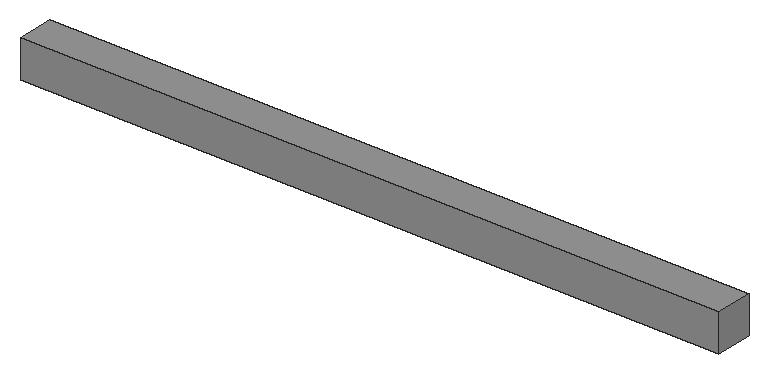
Revit family "63_UN_LF_Power Stripelite 12_LI", category Lighting Fixtures, Revit 2019
Family settings
  Round Connector Dimension = Use Diameter
  Part Type = Normal
  OmniClass Number = 23.80.70.11.14.11
  OmniClass Title = Downlights
  Work Plane-Based = No
  Always vertical = Yes
  Cut with Voids When Loaded = No
  Light Source = Yes
  Shared = No
  Room Calculation Point = Yes
Parameters (values of type "Power Stripelite 12 opaal")
  Wattage Comments = "16"
  Wattage = 3.36605 W
  built-in parameter 1150110 = 1 (stored number, unit not read)
  Voltage = 230 V
  URL = "https://lightinternational.nl/producten/opbouw-armaturen/power-stripelite/#40-power-stripelite-12"
  Type Comments = "Power Stripelite 12"
  built-in parameter 1114217 = 1 (stored number, unit not read)
  Tilt Angle = 90.00°
  built-in parameter 1150109 = 1 (stored number, unit not read)
  built-in parameter 1150134 = 3
  Symbol_ToScale [instance] = not(Symbol_RealSize)  # no
  Symbol_RealSize [instance] = yes
  Switch Code [instance] = ""
  built-in parameter 1150113 = 1 (stored number, unit not read)
  Photometric Web File = "PSL12_O_LDT.ies"
  Model = "Power Stripelite"
  Manufacturer = "Light International"
  built-in parameter 1150105 = 39.789 (stored number, unit not read)
  Luminous Flux (lm) = 2560 lm
  Lumens = 2560 lm
  built-in parameter 1150115 = 1 (stored number, unit not read)
  Luminaire Code [instance] = ""
  built-in parameter 1150137 = (empty or 0)
  built-in parameter 1150139 = (empty or 0)
  built-in parameter 1150112 = 1 (stored number, unit not read)
  built-in parameter 1150114 = 1 (stored number, unit not read)
  Lamp = "LED"
  L3 = 5 mm
  L2 = 65 mm
  L1 = 1225 mm
  built-in parameter 1150132 = 2
  built-in parameter 1150102 = (empty or 0)
  built-in parameter 1150107 = 4000 (stored number, unit not read)
  built-in parameter 1150138 = (empty or 0)
  built-in parameter 1150106 = 0.39789 (stored number, unit not read)
  IfcExportType = "USERDEFINED"
  IfcExportAs = "IfcLightFixtureType"
  ISBN Code = "ISBNCODE"
  IP Value = "IP65"
  IK Value = "IK16"
  Housing_Material = Select RGB Value for different appearance
  H1 = 65 mm
  GTIN Code = "GTINCODE"
  Emit from Rectangle Width = L2 - (L3 * 2)  # 55 mm
  Emit from Rectangle Length = L1 - (L3 * 2)  # 1215 mm
  Emit Shape Visible in Rendering = no
  built-in parameter 1150104 = 13.8 (stored number, unit not read)
  ETIM Code = "ETIMCODE"
  Dimming Lamp Color Temperature Shift = <None>
  Description = "DALI | 1-10V"
  Content Creator® = "www.ivlibrary.com"
  Color Filter = 16777215
  Calc_L2_Symbol = L2 / 100  # 0.65 mm
  Calc_L1_Symbol = L1 / 100  # 12.25 mm
  built-in parameter 1114218 = 1 (stored number, unit not read)
  built-in parameter 1150133 = 10 (stored number, unit not read)
  Assembly Code = "63.0"
  Apparent Load = 16 VA
Reference planes
  plane 1 "Center (Front/Back)": y = 0
  plane 2: z = 0
  plane 3 "Center (Left/Right)": x = 0
  plane 4: x = -607.5
  plane 5: x = 607.5
  plane 6: y = 27.5
  plane 7: y = -27.5
  plane 8: x = -612.5
  plane 9: x = 612.5
  plane 10: y = -32.5
  plane 11: y = 32.5
Lines and regions (mm)
  symbolic lines, visible <- "Symbol_RealSize"
    curve 1: line (-612.5, -32.5, 0) -> (612.5, -32.5, 0)
    curve 2: line (-612.5, 32.5, 0) -> (-612.5, -32.5, 0)
    curve 3: line (612.5, 32.5, 0) -> (-612.5, 32.5, 0)
    curve 4: line (612.5, -32.5, 0) -> (612.5, 32.5, 0)
Dimensions and locks
  equal spacing: plane 11, plane 1 "Center (Front/Back)", plane 10
  equal spacing: plane 8, plane 3 "Center (Left/Right)", plane 9
  "L1": plane 8 to plane 9
  "L2": plane 11 to plane 10
  "L3": plane 8 to plane 4
  "L3": plane 5 to plane 9
  "L3": plane 6 to plane 11
  "L3": plane 7 to plane 10
  "H1": level to imposter light
  aligned and locked: level to plane 2
  aligned and locked: level to nested 2
Automatic sketch dimensions
  curve 3 to plane 8 = 0 mm
  curve 1 to plane 9 = 0 mm
  curve 2 to plane 10 = 0 mm
  plane 11 to curve 2 = 0 mm
Nested families
  nested 1: "Parametric Light-Line Symbol" at (0, 0, 0), L1 <- "Calc_L1_Symbol", L2 <- "Calc_L2_Symbol", visible <- "Symbol_ToScale", type "Parametric LED Panel Symbol"
    with L2 0.65 mm, L1 12.25 mm
  nested 2: "SM Light-line Geometry" at (0, 0, 0), type "Type Catalog"
    with Symbol_ToScale no, Symbol_RealSize yes, Switch Code "", Luminaire Code "", L3 5 mm, L2 65 mm, L1 1225 mm, H1 65 mm, Calc_L2_Symbol 0.65 mm, Calc_L1_Symbol 12.25 mm
Connectors
  electrical at (0, 0, 0), driven by "Voltage", driven by "Apparent Load"
    settings: index 1, voltage 230 V, apparent load 0 VA, apparent load phase1 16 VA, apparent load phase2 0 VA, apparent load phase3 0 VA, power factor 1, load classification "Lighting", number of poles 1, system type 31, power factor state 1, is connector primary yes, connector utility no, sub classification motor no, connector description ""
Definition of nested family "SM Light-line Geometry"
  Parameters (values of type "Type Catalog")
    Wattage Comments = "19W"
    Voltage = 230 V
    URL = "https://www.ivlibrary.com/"
    Type Comments = "TYPENAME"
    Symbol_ToScale [instance] = not(Symbol_RealSize)  # no
    Symbol_RealSize [instance] = yes
    Switch Code [instance] = ""
    Model = "FAMILYNAME"
    Manufacturer = "MANUFACTURER"
    Luminous Flux (lm) = 500 lm
    Luminaire Code [instance] = ""
    Lamp = "LED"
    LED Panel = yes
    L3 = 7.5 mm
    L2 = 100 mm
    L1 = 1500 mm
    IfcExportType = "USERDEFINED"
    IfcExportAs = "IfcLightFixtureType"
    ISBN Code = "ISBNCODE"
    IP Value = "IPVALUE"
    IK Value = "IKVALUE"
    Housing_Material = none
    H1 = 80 mm
    GTIN Code = "GTINCODE"
    ETIM Code = "ETIMCODE"
    Description = ""
    Content Creator® = "www.ivlibrary.com"
    Calc_L2_Symbol = L2 / 100  # 1 mm
    Calc_L1_Symbol = L1 / 100  # 15 mm
    Assembly Code = "63.0"
    Apparent Load = 19 VA
  Reference planes
    plane 1 "Center (Front/Back)": y = 0
    plane 2: z = 0
    plane 3 "Center (Left/Right)": x = 0
    plane 4: x = -742.5
    plane 5: x = 742.5
    plane 6: y = 42.5
    plane 7: y = -42.5
    plane 8: x = -750
    plane 9: x = 750
    plane 10: y = -50
    plane 11: y = 50
  Forms (mm)
    Extrusion 1, solid, material <- "Housing_Material"
      sketch origin (0, 0, -77) x (1, 0, 0) y (0, 1, 0)
        loop
          line (-742.5, 42.5) -> (-742.5, -42.5) -> (742.5, -42.5) -> (742.5, 42.5) -> (-742.5, 42.5)
      from -2.103 to 77
    Extrusion 2, solid, material <- "Housing_Material"
      sketch origin (0, 0, -243) x (1, 0, 0) y (0, 1, 0)
        loop
          line (-742.5, 42.5) -> (-742.5, -42.5) -> (742.5, -42.5) -> (742.5, 42.5) -> (-742.5, 42.5)
        loop
          line (-750, -50) -> (750, -50) -> (750, 50) -> (-750, 50) -> (-750, -50)
      from 243 to 163
    Extrusion 3, solid
      sketch origin (0, 0, -79.5) x (1, 0, 0) y (0, 1, 0)
        loop
          line (-742.5, 42.5) -> (-742.5, -42.5) -> (742.5, -42.5) -> (742.5, 42.5) -> (-742.5, 42.5)
      from 0.397 to -0.5
  Cuts and joins
    joined: Extrusion 1, Extrusion 2
  Lines and regions (mm)
    symbolic lines, visible <- "Symbol_RealSize"
      curve 1: line (-750, -50, 0) -> (750, -50, 0)
      curve 2: line (-750, 50, 0) -> (-750, -50, 0)
      curve 3: line (750, 50, 0) -> (-750, 50, 0)
      curve 4: line (750, -50, 0) -> (750, 50, 0)
  Dimensions and locks
    equal spacing: plane 11, plane 1 "Center (Front/Back)", plane 10
    equal spacing: plane 8, plane 3 "Center (Left/Right)", plane 9
    "L1": plane 8 to plane 9
    "L2": plane 11 to plane 10
    "L3": plane 8 to plane 4
    "L3": plane 5 to plane 9
    "L3": plane 6 to plane 11
    "L3": plane 7 to plane 10
    "H1": level to Extrusion 2
    Extrusion 1 to Extrusion 2 = 0.897 mm
    locked: Extrusion 3 to Extrusion 2 at 0.897
    aligned and locked: level to plane 2
    aligned and locked: level to Extrusion 2
    aligned and locked: Extrusion 2 to Extrusion 3
    aligned and locked: Extrusion 1 to Extrusion 3
  Automatic sketch dimensions
    curve 3 to plane 8 = 0 mm
    curve 3 to plane 9 = 0 mm
    curve 1 to plane 10 = 0 mm
    plane 11 to curve 3 = 0 mm
    Extrusion 1 sketch curve to plane 4 = 0 mm
    Extrusion 1 sketch curve to plane 5 = 0 mm
    Extrusion 1 sketch curve to plane 7 = 0 mm
    Extrusion 1 sketch curve to plane 6 = 0 mm
    Extrusion 2 sketch curve to plane 8 = 0 mm
    Extrusion 2 sketch curve to plane 4 = 0 mm
    Extrusion 2 sketch curve to plane 5 = 0 mm
    Extrusion 2 sketch curve to plane 9 = 0 mm
    Extrusion 2 sketch curve to plane 10 = 0 mm
    Extrusion 2 sketch curve to plane 7 = 0 mm
    Extrusion 2 sketch curve to plane 6 = 0 mm
    plane 11 to Extrusion 2 sketch curve = 0 mm
    Extrusion 3 sketch curve to plane 4 = 0 mm
    Extrusion 3 sketch curve to plane 5 = 0 mm
    Extrusion 3 sketch curve to plane 7 = 0 mm
    Extrusion 3 sketch curve to plane 6 = 0 mm
  Nested families
    nested 1: "Parametric Light-Line Symbol" at (0, 0, 0), L1 <- "Calc_L1_Symbol", L2 <- "Calc_L2_Symbol", visible <- "Symbol_ToScale", type "Parametric LED Panel Symbol"
      with L2 1 mm, L1 15 mm
  Connectors
    electrical at (0, 0, 0), driven by "Voltage", driven by "Apparent Load"
      settings: index 2, voltage 230 V, apparent load 0 VA, apparent load phase1 19 VA, apparent load phase2 0 VA, apparent load phase3 0 VA, power factor 1, load classification none, number of poles 1, system type 31, power factor state 1, is connector primary yes, connector utility no, sub classification motor no, connector description ""
  Definition of nested family "Parametric Light-Line Symbol"
    Parameters (values of type "Parametric LED Panel Symbol")
      L2 [instance] = 4.484 mm
      L1 [instance] = 6.437 mm
    Reference planes
      plane 1: y = 0
      plane 2: x = 0
    Lines and regions (mm)
      detail lines
        curve 1: line (-3.219, 2.242, 0) -> (3.219, 2.242, 0)
        curve 2: line (-3.219, -2.242, 0) -> (-3.219, 2.242, 0)
        curve 3: line (3.219, -2.242, 0) -> (-3.219, -2.242, 0)
        curve 4: line (3.219, 2.242, 0) -> (3.219, -2.242, 0)
    Dimensions and locks
      equal spacing: curve 2, plane 2, curve 4
      equal spacing: curve 3, plane 1, curve 1
      "L1": curve 2 to curve 4
      "L2": curve 3 to curve 1
Definition of nested family "Parametric Light-Line Symbol"
  Parameters (values of type "Parametric LED Panel Symbol")
    L2 [instance] = 4.484 mm
    L1 [instance] = 6.437 mm
  Reference planes
    plane 1: y = 0
    plane 2: x = 0
  Lines and regions (mm)
    detail lines
      curve 1: line (-3.219, 2.242, 0) -> (3.219, 2.242, 0)
      curve 2: line (-3.219, -2.242, 0) -> (-3.219, 2.242, 0)
      curve 3: line (3.219, -2.242, 0) -> (-3.219, -2.242, 0)
      curve 4: line (3.219, 2.242, 0) -> (3.219, -2.242, 0)
  Dimensions and locks
    equal spacing: curve 2, plane 2, curve 4
    equal spacing: curve 3, plane 1, curve 1
    "L1": curve 2 to curve 4
    "L2": curve 3 to curve 1
